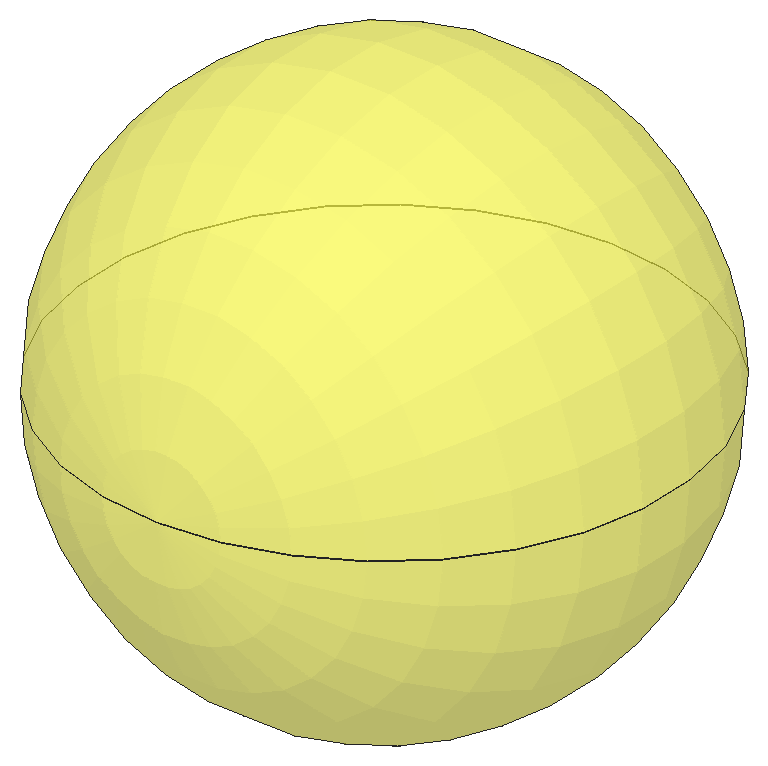
Revit family "Sample Sun", category Generic Models, Revit 2019
Family settings
  Can host rebar = No
  Round Connector Dimension = Use Diameter
  Part Type = Normal
  Work Plane-Based = No
  Always vertical = Yes
  Cut with Voids When Loaded = No
  Shared = No
  Room Calculation Point = No
Parameters
  Radius [instance] = 1.000 m
  Material = Sun
  Family Template Reorganizer = "Karam Baki"  # constant formula
Reference planes (m)
  plane 1 "Center (Front/Back)": y = 0
  plane 2: z = 0
  plane 3 "Center (Left/Right)": x = 0
Forms (m)
  Revolve 1, solid, material "Sun" <- "Material"
    sketch origin (0, 0, 0) x (1, 0, 0) y (0, 1, 0)
      loop
        arc (0, -1) -> (1, 0) -> (0, 1) r 1
        line (0, 1) -> (0, -1)
      axis (0, 1) -> (0, -1)
    angle from 0 to 360
Dimensions and locks (m)
  "Radius": radius of Revolve 1 sketch curve
  aligned and locked: level to plane 2
Automatic sketch dimensions
  Revolve 1 sketch curve to plane 3 "Center (Left/Right)" = 0.000 m  (x2)
  plane 1 "Center (Front/Back)" to Revolve 1 sketch curve = 0.000 m
  Revolve 1 sketch curve to Revolve 1 sketch curve = 0.800 m
  Revolve 1 sketch curve to Revolve 1 sketch curve = 1.400 m
